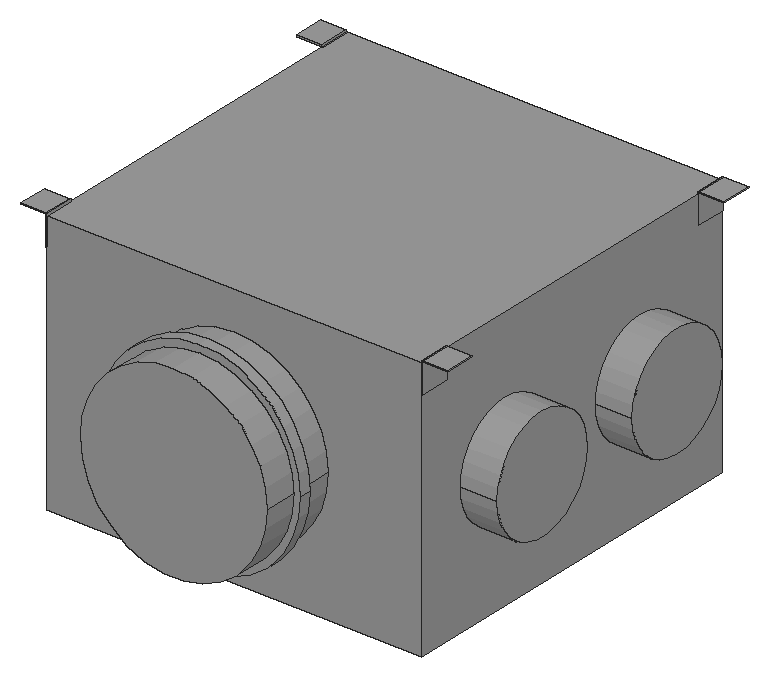
Revit family "FASU(F5-150 250Φ)", category ダクト付属品, Revit 2022
Family settings
  丸型コネクタ寸法 = 直径を使用
  パーツ タイプ = ダンパー
  OmniClass 番号 = 23.75.00.00
  OmniClass タイトル = Climate Control (HVAC)
  作業面ベース = いいえ
  常に垂直 = はい
  ロード時にボイドで切り取り = いいえ
  共有 = いいえ
Parameters
  高さ = 350 mm
  風量 [instance] = 0.0 L/s
  符号 = "FASU"
  形式 = "F5-150 250φ"
  幅 [instance] = 500 mm
  奥行き = 500 mm
  大きさ = 250 mm
  呼称 = "FASUチャンバー"
  付属品_下端レベル [instance] = 0 mm
  マテリアル [instance] = 既定値
  ダクト_イン = 250 mm
  ダクト_アウト = 150 mm
  既定の高さ = 0 mm
Reference planes
  plane 1 "中心(正面/背面)": y = 0
  plane 2: z = 0
  plane 3 "中心(左/右)": x = 0
  plane 4: x = -250
  plane 5: x = 250
  plane 6: y = -500
  plane 7: z = 350
  plane 8: z = 175
  plane 9: z = 266.963
  plane 10: z = 86.159
  plane 11: x = -125
  plane 12: x = 125
  plane 13: x = -135
  plane 14: x = 135
  plane 15: x = -251
  plane 16: z = 313.122
  plane 17: z = 352.122
  plane 18: y = -250
Forms (mm)
  Extrusion 1, solid, material "既定値" <- "マテリアル"
    sketch origin (0, 0, 0) x (1, 0, 0) y (0, 1, 0)
      loop
        line (-250, 0) -> (-250, -500) -> (250, -500) -> (250, 0) -> (-250, 0)
    from 0 to 350
  Extrusion 2, solid, material "既定値" <- "マテリアル"
    sketch origin (0, -30, 0) x (1, 0, 0) y (0, 0, 1)
      loop
        circle (0, 175) r 125
    from 470 to 512.5
  Extrusion 3, solid, material "既定値" <- "マテリアル"
    sketch origin (0, -30, 0) x (1, 0, 0) y (0, 0, 1)
      loop
        circle (0, 175) r 135
    from 512.5 to 527.5
  Extrusion 4, solid, material "既定値" <- "マテリアル"
    sketch origin (0, -117.5, 0) x (1, 0, 0) y (0, 0, 1)
      loop
        circle (0, 175) r 125
    from 440 to 482.5
  Extrusion 5, solid, material "既定値" <- "マテリアル"
    sketch origin (0, -30, 0) x (0, 1, 0) y (0, 0, 1)
      loop
        circle (-332.5, 175) r 74.985
    from -300 to -250
  Extrusion 6, solid, material "既定値" <- "マテリアル"
    sketch origin (550, -30, 0) x (0, 1, 0) y (0, 0, 1)
      loop
        circle (-332.5, 175) r 74.985
    from -300 to -250
  Extrusion 7, solid, material "既定値" <- "マテリアル"
    sketch origin (0, -30, 0) x (1, 0, 0) y (0, 1, 0)
      loop
        line (-250, 30) -> (-251, 30) -> (-251, -10) -> (-250, -10) -> (-250, 30)
    from 313.122 to 350
  Extrusion 8, solid, material "既定値" <- "マテリアル"
    sketch origin (0, -30, 0) x (1, 0, 0) y (0, 1, 0)
      loop
        line (-285, 30) -> (-285, -10) -> (-251, -10) -> (-251, 30) -> (-285, 30)
    from 352.122 to 350
  Extrusion 9, solid, material "既定値" <- "マテリアル"
    sketch origin (0, -30, 0) x (-1, 0, 0) y (0, -1, 0)
      loop
        line (-250, -30) -> (-250, 10) -> (-251, 10) -> (-251, -30) -> (-250, -30)
    from 313.122 to 353.122
  Extrusion 10, solid, material "既定値" <- "マテリアル"
    sketch origin (0, -30, 0) x (-1, 0, 0) y (0, -1, 0)
      loop
        line (-285, -30) -> (-251, -30) -> (-251, 10) -> (-285, 10) -> (-285, -30)
    from 352.122 to 353.122
  Extrusion 11, solid, material "既定値" <- "マテリアル"
    sketch origin (0, -490, 0) x (1, 0, 0) y (0, 1, 0)
      loop
        line (-285, 30) -> (-285, -10) -> (-251, -10) -> (-251, 30) -> (-285, 30)
    from 352.122 to 353.122
  Extrusion 12, solid, material "既定値" <- "マテリアル"
    sketch origin (0, -490, 0) x (1, 0, 0) y (0, 1, 0)
      loop
        line (-250, 30) -> (-251, 30) -> (-251, -10) -> (-250, -10) -> (-250, 30)
    from 313.122 to 353.122
  Extrusion 13, solid, material "既定値" <- "マテリアル"
    sketch origin (0, -490, 0) x (-1, 0, 0) y (0, -1, 0)
      loop
        line (-285, -30) -> (-251, -30) -> (-251, 10) -> (-285, 10) -> (-285, -30)
    from 352.122 to 353.122
  Extrusion 14, solid, material "既定値" <- "マテリアル"
    sketch origin (0, -490, 0) x (-1, 0, 0) y (0, -1, 0)
      loop
        line (-250, -30) -> (-250, 10) -> (-251, 10) -> (-251, -30) -> (-250, -30)
    from 313.122 to 353.122
  Extrusion 15, solid, material "既定値" <- "マテリアル"
    sketch origin (-332.5, 300, 0) x (-1, 0, 0) y (0, 0, 1)
      loop
        circle (-332.5, 175) r 74.985
    from -300 to -250
  Extrusion 16, solid, material "既定値" <- "マテリアル"
    sketch origin (550, -470, 0) x (0, -1, 0) y (0, 0, -1)
      loop
        circle (-332.5, -175) r 74.985
    from -300 to -250
  Extrusion 17, solid, material "既定値" <- "マテリアル"
    sketch origin (-550, -470, 0) x (0, -1, 0) y (0, 0, 1)
      loop
        circle (-332.5, 175) r 74.985
    from -300 to -250
Lines and regions (mm)
  model lines
    curve 1: line (-250, -30, 0) -> (250, -30, 0)
    curve 2: line (-250, -470, 0) -> (250, -470, 0)
Text (mm)
  text "FASU(F5-150 250Φ)" at (120.822, -450.782, 0), in view "参照レベル"
Dimensions and locks
  equal spacing: plane 4, plane 3 "中心(左/右)", plane 5
  "幅": plane 4 to plane 5
  "奥行き": plane 6 to plane 1 "中心(正面/背面)"
  "高さ": plane 7 to level
  equal spacing: plane 7, plane 8, level
  equal spacing: plane 6, plane 18, plane 1 "中心(正面/背面)"
  aligned and locked: level to plane 2
  aligned and locked: Extrusion 1 sketch curve to plane 5
  aligned and locked: plane 7 to Extrusion 1
  aligned and locked: plane 4 to Extrusion 5
  aligned and locked: Extrusion 6 to plane 5
  aligned and locked: Extrusion 7 sketch curve to Extrusion 1
  aligned and locked: plane 7 to Extrusion 7
  aligned and locked: Extrusion 8 sketch curve to Extrusion 7
  aligned and locked: Extrusion 7 to Extrusion 8 sketch curve
  aligned and locked: plane 7 to Extrusion 8
  aligned and locked: Extrusion 8 to plane 17
  aligned and locked: Extrusion 9 to Extrusion 10 sketch curve
  aligned and locked: Extrusion 10 sketch curve to Extrusion 9
  aligned and locked: Extrusion 3 to Extrusion 4
  aligned and locked: Extrusion 3 to Extrusion 2
  aligned and locked: Extrusion 1 to Extrusion 13
  aligned and locked: Extrusion 11 to Extrusion 1
  aligned and locked: Extrusion 12 to Extrusion 1
  aligned and locked: Extrusion 1 to Extrusion 14
  aligned and locked: Extrusion 14 to Extrusion 13
  aligned and locked: Extrusion 12 to Extrusion 11
  aligned and locked: plane 4 to Extrusion 12
  aligned and locked: Extrusion 14 to plane 5
  aligned and locked: plane 4 to curve 1
  aligned and locked: plane 5 to curve 1
  aligned and locked: plane 5 to curve 2
  aligned and locked: plane 4 to curve 2
  aligned and locked: Extrusion 1 to Extrusion 8
  aligned and locked: Extrusion 10 to Extrusion 1
  aligned and locked: Extrusion 9 to plane 5
  aligned and locked: Extrusion 15 to Extrusion 1
  aligned and locked: Extrusion 1 to plane 6
  aligned and locked: Extrusion 1 to plane 1 "中心(正面/背面)"
  aligned and locked: plane 6 to Extrusion 2
  aligned and locked: Extrusion 16 to plane 5
  aligned and locked: plane 4 to Extrusion 17
Automatic sketch dimensions
  plane 6 to curve 2 = 30 mm
  plane 1 "中心(正面/背面)" to curve 1 = 30 mm
  Extrusion 1 sketch curve to plane 4 = 0 mm
  Extrusion 1 sketch curve to plane 6 = 0 mm
  plane 1 "中心(正面/背面)" to Extrusion 1 sketch curve = 0 mm
  Extrusion 2 sketch curve to plane 3 "中心(左/右)" = 0 mm
  Extrusion 2 sketch curve to plane 8 = 0 mm
  Extrusion 3 sketch curve to plane 3 "中心(左/右)" = 0 mm
  Extrusion 3 sketch curve to plane 8 = 0 mm
  Extrusion 4 sketch curve to plane 3 "中心(左/右)" = 0 mm
  Extrusion 4 sketch curve to plane 8 = 0 mm
  Extrusion 5 sketch curve to plane 8 = 0 mm
  Extrusion 6 sketch curve to plane 8 = 0 mm
  plane 1 "中心(正面/背面)" to Extrusion 7 sketch curve = 0 mm
  Extrusion 7 sketch curve to plane 15 = 0 mm
  Extrusion 7 sketch curve to Extrusion 7 sketch curve = 40 mm
  plane 1 "中心(正面/背面)" to Extrusion 8 sketch curve = 0 mm
  Extrusion 8 sketch curve to Extrusion 8 sketch curve = 34 mm
  plane 1 "中心(正面/背面)" to Extrusion 9 sketch curve = 0 mm
  Extrusion 9 sketch curve to plane 5 = 0 mm
  Extrusion 9 sketch curve to Extrusion 9 sketch curve = 1 mm
  Extrusion 9 sketch curve to Extrusion 9 sketch curve = 40 mm
  plane 1 "中心(正面/背面)" to Extrusion 10 sketch curve = 0 mm
  Extrusion 10 sketch curve to Extrusion 10 sketch curve = 34 mm
  Extrusion 11 sketch curve to plane 6 = 0 mm
  Extrusion 11 sketch curve to plane 15 = 0 mm
  Extrusion 11 sketch curve to Extrusion 11 sketch curve = 34 mm
  Extrusion 12 sketch curve to plane 15 = 0 mm
  Extrusion 12 sketch curve to plane 4 = 0 mm
  Extrusion 12 sketch curve to plane 6 = 0 mm
  Extrusion 13 sketch curve to plane 6 = 0 mm
  Extrusion 13 sketch curve to plane 5 = 35 mm
  Extrusion 13 sketch curve to plane 5 = 1 mm
  Extrusion 14 sketch curve to plane 6 = 0 mm
  Extrusion 14 sketch curve to plane 5 = 0 mm
  Extrusion 14 sketch curve to Extrusion 14 sketch curve = 1 mm
  Extrusion 15 sketch curve to plane 3 "中心(左/右)" = 0 mm
  Extrusion 15 sketch curve to plane 8 = 0 mm
  Extrusion 16 sketch curve to plane 8 = 0 mm
  plane 18 to Extrusion 16 sketch curve = 112.5 mm
  Extrusion 17 sketch curve to plane 8 = 0 mm
  plane 18 to Extrusion 17 sketch curve = 112.5 mm
  Extrusion 5 sketch curve to plane 18 = 112.5 mm
  Extrusion 6 sketch curve to plane 18 = 112.5 mm
  plane 6 to Extrusion 11 sketch curve = 40 mm
  plane 6 to Extrusion 12 sketch curve = 40 mm
  Extrusion 13 sketch curve to plane 6 = 40 mm
  Extrusion 14 sketch curve to plane 6 = 40 mm
  radius of Extrusion 2 sketch curve = 125 mm
  radius of Extrusion 3 sketch curve = 135 mm
  radius of Extrusion 4 sketch curve = 125 mm
  radius of Extrusion 5 sketch curve = 74.985 mm
  radius of Extrusion 6 sketch curve = 74.985 mm
  radius of Extrusion 15 sketch curve = 74.985 mm
  radius of Extrusion 16 sketch curve = 74.985 mm
  radius of Extrusion 17 sketch curve = 74.985 mm
Connectors
  hvac at (300, -362.5, 175), driven by "ダクト_アウト"
    settings: on Extrusion 6, index 11, duct flow 0.0 L/s, flow factor 0, pres drop 0.0 Pa, loss coef 0, conn angle 0.00°, conn width 304.8 mm, conn height 304.8 mm, conn diameter 150 mm, duct sys type 29, conn prof type 0, flow config 0, flow direction 2, loss method 0, conn ref index -1, conn util no, is conn primary yes, conn desc ""
  hvac at (-300, -362.5, 175), driven by "ダクト_アウト"
    settings: on Extrusion 5, index 12, duct flow 0.0 L/s, flow factor 0, pres drop 0.0 Pa, loss coef 0, conn angle 0.00°, conn width 304.8 mm, conn height 304.8 mm, conn diameter 150 mm, duct sys type 29, conn prof type 0, flow config 0, flow direction 2, loss method 0, conn ref index -1, conn util no, is conn primary no, conn desc ""
  hvac at (-300, -137.5, 175), driven by "ダクト_アウト"
    settings: on Extrusion 17, index 13, duct flow 0.0 L/s, flow factor 0, pres drop 0.0 Pa, loss coef 0, conn angle 0.00°, conn width 304.8 mm, conn height 304.8 mm, conn diameter 150 mm, duct sys type 29, conn prof type 0, flow config 0, flow direction 2, loss method 0, conn ref index -1, conn util no, is conn primary no, conn desc ""
  hvac at (0, 50, 175), driven by "ダクト_アウト"
    settings: on Extrusion 15, index 14, duct flow 0.0 L/s, flow factor 0, pres drop 0.0 Pa, loss coef 0, conn angle 0.00°, conn width 304.8 mm, conn height 304.8 mm, conn diameter 150 mm, duct sys type 29, conn prof type 0, flow config 0, flow direction 2, loss method 0, conn ref index -1, conn util no, is conn primary no, conn desc ""
  hvac at (300, -137.5, 175), driven by "ダクト_アウト"
    settings: on Extrusion 16, index 15, duct flow 0.0 L/s, flow factor 0, pres drop 0.0 Pa, loss coef 0, conn angle 0.00°, conn width 304.8 mm, conn height 304.8 mm, conn diameter 150 mm, duct sys type 29, conn prof type 0, flow config 0, flow direction 2, loss method 0, conn ref index -1, conn util no, is conn primary no, conn desc ""
  hvac at (0, -600, 175), driven by "ダクト_イン"
    settings: on Extrusion 4, index 16, duct flow 0.0 L/s, flow factor 0, pres drop 0.0 Pa, loss coef 0, conn angle 0.00°, conn width 304.8 mm, conn height 304.8 mm, conn diameter 250 mm, duct sys type 1, conn prof type 0, flow config 0, flow direction 1, loss method 0, conn ref index -1, conn util no, is conn primary no, conn desc ""
